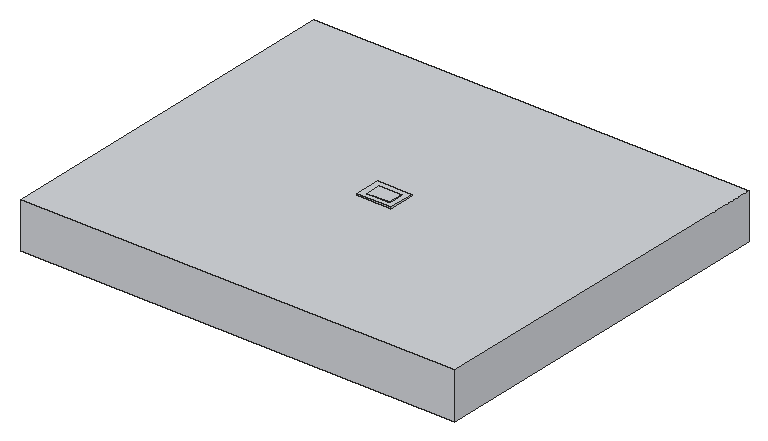
Revit family "M_Grelha de retorno com apara - Montada no forro", category Terminais de ar, Revit 2019
Family settings
  Hospedeiro = Face
  Cota do conector redondo = Utilizar diâmetro
  Tipo de parte = Normal
  Número OmniClass = 23.75.70.21.27.11
  Título OmniClass = Diffusers, Registers, and Grilles
  ID de item do Seek = Return Grille with Trim - Ceiling Mounted-0000-CAN-ENU
  Corte com vazios quando carregada = Não
  Compartilhado = Não
  Ponto de cálculo do ambiente = Não
Parameters (values of type "228 mmx178 mm Face 150 mmx100 mm Pescoço")
  n = Largura do meio duto / 19.05 mm  # 4
  m = Altura do meio duto / 25.4 mm  # 2
  Queda de pressão [instance] = 59.0 Pa
  Largura do meio duto = Largura do duto / 2  # 75 mm
  Altura do meio duto = Altura do duto / 2  # 50 mm
  Material da grelha = none
  Fluxo [instance] = 132.0 L/s
  Largura do duto = 150 mm
  Altura do duto = 100 mm
  Elevação-padrão = 1200 mm
Types (8, lengths in mm): name | n | m | Largura do meio duto | Altura do meio duto | Fluxo | Largura do duto | Altura do duto
  (no name) | 4 | 2 | 75 | 50 | 132.0 L/s | 150 | 100
  228 mmx178 mm Face 150 mmx100 mm Pescoço | 4 | 2 | 75 | 50 | 132.0 L/s | 150 | 100
  279 mmx229 mm Face 200 mmx150 mm Pescoço | 5 | 3 | 100 | 75 | 178.0 L/s | 200 | 150
  330 mmx229 mm Face 250 mmx150 mm Pescoço | 7 | 3 | 125 | 75 | 231.0 L/s | 250 | 150
  381 mmx381 mm Face 300 mmx300 mm Pescoço | 8 | 6 | 150 | 150 | 595.0 L/s | 300 | 300
  686 mmx381 mm Face 600 mmx300 mm Pescoço | 16 | 6 | 300 | 150 | 1222.0 L/s | 600 | 300
  686 mmx686 mm Face 600 mmx600 mm Pescoço | 16 | 12 | 300 | 300 | 2377.0 L/s | 600 | 600
  1295 mmx686 mm Face 1200 mmx600 mm Pescoço | 31 | 12 | 600 | 300 | 5081.0 L/s | 1200 | 600
Reference planes
  plane 1 "Centro (Frente/Trás)": y = 0
  plane 2: z = 0
  plane 3 "Centro (Esquerda/Direita)": x = 0
  plane 4: x = 75
  plane 5: x = -75
  plane 6: y = -50
  plane 7: y = 50
  plane 8: x = 113.1
  plane 9: x = -113.1
  plane 10: y = 88.1
  plane 11: y = -88.1
  plane 12: z = -19.05
  plane 13: z = 6.35
  plane 14: x = -19.05
  plane 15: x = 19.05
  plane 16: y = 25.4
  plane 17: y = -25.4
Forms (mm)
  Extrusion 1, solid
    sketch origin (0, 0, 0) x (1, 0, 0) y (0, 1, 0)
      loop
        line (-1443, 1219.2) -> (-1443, -1219.2) -> (1443, -1219.2) -> (1443, 1219.2) -> (-1443, 1219.2)
    from 0 to -304.8
  Extrusion 2, solid, material <- "Material da grelha"
    sketch origin (0, 0, 0) x (1, 0, 0) y (0, 1, 0)
      loop
        line (-113.1, 88.1) -> (-113.1, -88.1) -> (113.1, -88.1) -> (113.1, 88.1) -> (-113.1, 88.1)
    from 0 to 6.35
  Extrusion 3, solid, material <- "Material da grelha"
    sketch origin (0, 0, 0) x (1, 0, 0) y (0, 1, 0)
      loop
        line (-75, 50) -> (-75, -50) -> (75, -50) -> (75, 50) -> (-75, 50)
    from 6.35 to -19.05
Lines and regions (mm)
  model lines
    curve 1: line (-75, 50, 0) -> (75, 50, 0)
    curve 2: line (-75, -50, 0) -> (-75, 50, 0)
    curve 3: line (75, -50, 0) -> (-75, -50, 0)
    curve 4: line (75, 50, 0) -> (75, -50, 0)
  symbolic lines, detail levels fine
    curve 5: line (-75, 50, 0) -> (75, 50, 0)
    curve 6: line (-75, -50, 0) -> (-75, 50, 0)
    curve 7: line (75, -50, 0) -> (-75, -50, 0)
    curve 8: line (75, 50, 0) -> (75, -50, 0)
Dimensions and locks
  "Largura do duto": plane 5 to plane 4
  locked: plane 4 to plane 8 at 38.1
  locked: plane 9 to plane 5 at 38.1
  locked: plane 10 to plane 7 at 38.1
  locked: plane 11 to plane 6 at 38.1
  "Altura do duto": plane 7 to plane 6
  "Altura do meio duto": plane 7 to plane 1 "Centro (Frente/Trás)"
  "Altura do meio duto": plane 6 to plane 1 "Centro (Frente/Trás)"
  "Largura do meio duto": plane 5 to plane 3 "Centro (Esquerda/Direita)"
  "Largura do meio duto": plane 3 "Centro (Esquerda/Direita)" to plane 4
  locked: plane 12 to plane 2 at 19.05
  locked: plane 13 to plane 2 at 6.35  (x2)
  locked: plane 14 to plane 3 "Centro (Esquerda/Direita)" at 19.05
  locked: plane 3 "Centro (Esquerda/Direita)" to plane 15 at 19.05
  locked: plane 1 "Centro (Frente/Trás)" to plane 16 at 25.4
  locked: plane 17 to plane 1 "Centro (Frente/Trás)" at 25.4
  equal spacing: group 1, group 2, group 3, group 4  (x3)
  equal spacing: group 7, group 6, group 5, group 1
  equal spacing: group 1, group 5, group 6, group 7  (x2)
  group 8 to group 9 = 0 mm  (x2)
  group 8 to group 9 = 25.4 mm
  group 8 to group 10 = 0 mm  (x2)
  group 10 to group 8 = 25.4 mm
  aligned and locked: plane 2 to Extrusion 1
  aligned and locked: level to Extrusion 1
  aligned and locked: plane 9 to Extrusion 2 sketch curve
  aligned and locked: Extrusion 2 sketch curve to plane 10
  aligned and locked: plane 11 to Extrusion 2 sketch curve
  aligned and locked: Extrusion 2 sketch curve to plane 8
  aligned and locked: Extrusion 2 to plane 2
  aligned and locked: plane 13 to Extrusion 2
  aligned and locked: plane 5 to Extrusion 3 sketch curve
  aligned and locked: Extrusion 3 sketch curve to plane 7
  aligned and locked: plane 6 to Extrusion 3 sketch curve
  aligned and locked: Extrusion 3 sketch curve to plane 4
  aligned and locked: Extrusion 3 to plane 12
  aligned and locked: Extrusion 2 to Extrusion 3
  aligned and locked: plane 1 "Centro (Frente/Trás)" to nested 1
  aligned and locked: plane 13 to nested 2
  aligned and locked: plane 3 "Centro (Esquerda/Direita)" to nested 2
  aligned and locked: curve 1 to Extrusion 3  (x2)
  aligned and locked: Extrusion 3 to curve 4
  aligned and locked: curve 4 to Extrusion 3
Automatic sketch dimensions
  Extrusion 1 sketch curve to Extrusion 1 sketch curve = 2886 mm
  Extrusion 1 sketch curve to Extrusion 1 sketch curve = 2438.4 mm
Nested families
  nested 1: "M_Grelha de ar de retorno do forro com apara_Matriz de orientação em paisagem" at (0, 0, 0), type "Padrão"
  nested 2: "M_Grelha de ar de retorno do forro com apara_Matriz em retrato" at (0, 0, 0), type "Padrão"
  nested 3: "M_Grelha de ar de retorno do forro com apara_Matriz em retrato" at (19.05, 0, 0), type "Padrão"
  nested 4: "M_Grelha de ar de retorno do forro com apara_Matriz em retrato" at (38.1, 0, 0), type "Padrão"
  nested 5: "M_Grelha de ar de retorno do forro com apara_Matriz em retrato" at (57.15, 0, 0), type "Padrão"
  nested 6: "M_Grelha de ar de retorno do forro com apara_Matriz em retrato" at (-19.05, 0, 0), type "Padrão"
  nested 7: "M_Grelha de ar de retorno do forro com apara_Matriz em retrato" at (-38.1, 0, 0), type "Padrão"
  nested 8: "M_Grelha de ar de retorno do forro com apara_Matriz em retrato" at (-57.15, 0, 0), type "Padrão"
  nested 9: "M_Grelha de ar de retorno do forro com apara_Matriz de orientação em paisagem" at (0, 25.4, 0), type "Padrão"
  nested 10: "M_Grelha de ar de retorno do forro com apara_Matriz de orientação em paisagem" at (0, -25.4, 0), type "Padrão"
Connectors
  hvac at (0, 0, -19.05), driven by "Fluxo", driven by "Altura do duto", driven by "Largura do duto", driven by "Queda de pressão"
    settings: on Extrusion 3, index 1, duct flow 132.0 L/s, flow factor 0, pres drop 59.0 Pa, loss coef 0, conn angle 0.00°, conn width 150 mm, conn height 100 mm, conn diameter 609.6 mm, duct sys type 2, conn prof type 1, flow config 1, flow direction 2, loss method 4, conn ref index -1, conn util no, is conn primary yes, conn desc ""
Definition of nested family "M_Grelha de ar de retorno do forro com apara_Matriz de orientação em paisagem"
  Parameters
    Largura do meio duto = Largura do duto / 2  # 300 mm
    Largura do duto = 600 mm
    Default Elevation = 1219.2 mm
    Assembly Code = ""
  Reference planes
    plane 1 "Centro (Frente/Trás)": y = 0
    plane 2: z = 0
    plane 3 "Centro (Esquerda/Direita)": x = 0
    plane 4: x = -300
    plane 5: x = 300
    plane 6: z = 6.35
  Forms (mm)
    Extrusion 1, solid
      sketch origin (0, 0, 0) x (1, 0, 0) y (0, 1, 0)
        loop
          line (-1443, 1219.2) -> (-1443, -1219.2) -> (1443, -1219.2) -> (1443, 1219.2) -> (-1443, 1219.2)
      from 0 to -304.8
  Lines and regions (mm)
    model lines
      curve 1: line (-300, 0, 6.35) -> (300, 0, 6.35)
  Dimensions and locks
    "Largura do duto": plane 4 to plane 5
    "Largura do meio duto": plane 4 to plane 3 "Centro (Esquerda/Direita)"
    "Largura do meio duto": plane 3 "Centro (Esquerda/Direita)" to plane 5
    locked: plane 6 to plane 2 at 6.35
    aligned and locked: plane 2 to Extrusion 1
    aligned and locked: level to Extrusion 1
    aligned and locked: curve 1 to plane 6
    aligned and locked: plane 5 to curve 1
    aligned and locked: plane 4 to curve 1
    aligned and locked: plane 1 "Centro (Frente/Trás)" to curve 1
  Automatic sketch dimensions
    Extrusion 1 sketch curve to Extrusion 1 sketch curve = 2886 mm
    Extrusion 1 sketch curve to Extrusion 1 sketch curve = 2438.4 mm
Definition of nested family "M_Grelha de ar de retorno do forro com apara_Matriz em retrato"
  Parameters
    Altura do meio duto = Altura do duto / 2  # 300 mm
    Altura do duto = 600 mm
    Default Elevation = 1219.2 mm
    Assembly Code = ""
  Reference planes
    plane 1 "Centro (Frente/Trás)": y = 0
    plane 2: z = 0
    plane 3 "Centro (Esquerda/Direita)": x = 0
    plane 4: y = 300
    plane 5: y = -300
    plane 6: z = 6.35
  Forms (mm)
    Extrusion 1, solid
      sketch origin (0, 0, 0) x (1, 0, 0) y (0, 1, 0)
        loop
          line (-1219.2, 1468.4) -> (-1219.2, -1468.4) -> (1219.2, -1468.4) -> (1219.2, 1468.4) -> (-1219.2, 1468.4)
      from 0 to -304.8
  Lines and regions (mm)
    model lines
      curve 1: line (0, 300, 6.35) -> (0, -300, 6.35)
  Dimensions and locks
    "Altura do meio duto": plane 4 to plane 1 "Centro (Frente/Trás)"
    "Altura do duto": plane 4 to plane 5
    "Altura do meio duto": plane 5 to plane 1 "Centro (Frente/Trás)"
    locked: plane 6 to plane 2 at 6.35
    aligned and locked: plane 2 to Extrusion 1
    aligned and locked: level to Extrusion 1
    aligned and locked: plane 4 to curve 1
    aligned and locked: plane 6 to curve 1
    aligned and locked: curve 1 to plane 3 "Centro (Esquerda/Direita)"
  Automatic sketch dimensions
    curve 1 to plane 5 = 0 mm
    Extrusion 1 sketch curve to Extrusion 1 sketch curve = 2438.4 mm
    Extrusion 1 sketch curve to Extrusion 1 sketch curve = 2936.8 mm
